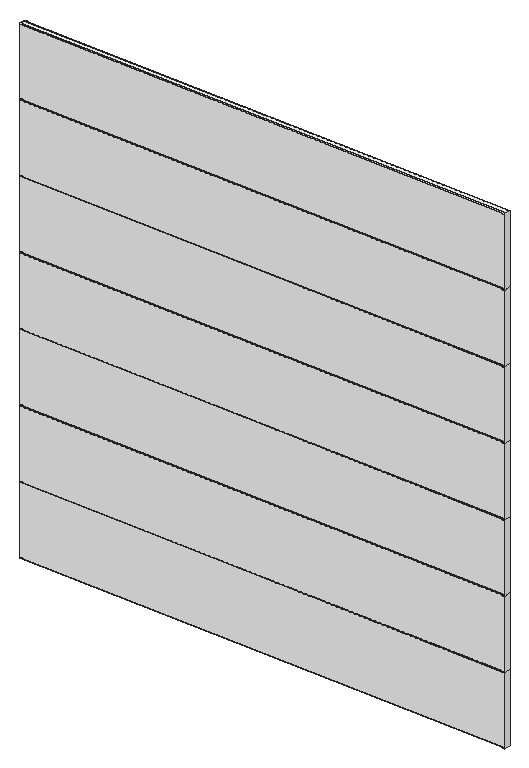
Revit family
Parameters (values of type "By Type")
  Windload = "Doors available rated for various design pressures; consult Clopay for avaialbility and specifications"
  VisSection6 = NumSections = 6  # no
  VisSection5 = NumSections > 4  # yes
  VisSection4 = NumSections > 3  # yes
  VisSection3 = NumSections > 2  # yes
  VisArray = NumSections > 6  # yes
  URL = "www.clopaydoor.com"
  Track = "Galvanized steel (gauge varies according to door size)"
  Thickness = 0' - 3"  # constant formula
  Spec Wizard = "http://www.arcat.com/specwizard/08360clo/index.htm"
  Section Height = Height / NumSections  # 2' - 0"
  Sales Information = "http://www.clopaydoor.com/where-to-buy.aspx?type=dealer"
  Rough Width = 0' - 0"  # constant formula
  Rough Height = 0' - 0"  # constant formula
  R-Value = "12.15"
  Product Features and Benefits = "http://www.clopaydoor.com/insulated-polystyrene-applications.aspx"
  Overlapping Jamb = yes
  Overlap = if(Overlapping Jamb, 0' 1", 0' 0")  # 0' - 1"
  Opening Width = 14' - 0"
  Opening Height = 14' - 0"
  Omniclass Table = "23-30 10 17 37 "
  NumSectionsNotRounded = Height / 2' 0"  # 7
  NumSections = NumSectionsNotRounded + 0.4999  # 7
  NumArraySections = if(NumSections > 6, NumSections - 5, 2)  # 2
  Model = "3300"
  Maximum Size = "Maximum 28' 2'' wide by 26' 0'' high. Additional limitations may apply do to door weight. Consult Clopay for specificiations and shop drawings."  # constant formula
  Manufacturer Website = "http://www.clopaydoor.com"
  Manufacturer Phone Number = "1-800-526-4301"
  Manufacturer Address = "1400 W. Market St., Troy, OH 45373"
  Manufacturer = "Clopay Building Products Company"
  LEED = "http://products.construction.com/swts_content_files/151607/303186.pdf"
  Keynote = "08 36 13"
  Interior Steel = "28 ga. galvanized, primed, and finish painted"
  Hardware = "14 ga. min. steel hinges; 10-ball steel rollers"
  GreenFormat = "http://www.greenformat.com/products/1541-Polystyrene-Insulated-Doors"
  Function = (empty or 0)
  Height = Opening Height + Rough Width * 0  # 14' - 0"
  Wall Closure = (empty or 0)
  Width = Opening Width + Rough Width * 0  # 14' - 0"
  FloorToSection7 = 6 * Section Height  # 12' - 0"
  FloorToSection6 = 5 * Section Height  # 10' - 0"
  FloorToSection5 = 4 * Section Height  # 8' - 0"
  FloorToSection4 = 3 * Section Height  # 6' - 0"
  FloorToSection3 = 2 * Section Height  # 4' - 0"
  FloorToSection2 = Section Height  # 2' - 0"
  File Revision = "01 (Aug, 2012)"
  Exterior Steel = "25 ga. galvanized, primed, and finish painted"
  Double End Stiles = Door Width > 14' 2"  # no
  Door Width = Opening Width + Overlap * 2  # 14' - 2"
  Door Height = Opening Height + Rough Width * 0  # 14' - 0"
  Description = "3'' thick polystyrene insulated, stucco embossed 25 gauge steel exterior with light ribbed pattern."
  Core Material = "Expanded polystyrene"
  Copyright = "2010, Clopay Building Products Company, Inc."
  Color = White
  CAD and Specifications = "http://www.clopaydoor.com/insulated-polystyrene-specs.aspx"
  Assembly Code = "B2030410"
Reference planes (in)
  plane 1 "Center (Front/Back)": y = 0
  plane 2 "Center (Left/Right)": x = 0
  plane 3 "Left": x = -84
  plane 4 "Right": x = 84
  plane 5 "Top": z = 168
  plane 6 "Exterior": y = 3
  plane 7 "Interior": y = -3
  plane 8: z = 120
  plane 9: z = 144
Lines and regions (in)
  Opening 1
    outline origin (-90, -3, 0) x (1, 0, 0) y (0, 0, 1)
      loop
        line (6, 0) -> (174, 0) -> (174, 168) -> (6, 168) -> (6, 0)
Text (in)
  text "Exterior" at (-74.96733, 27.31104, 0), in view "Ref. Level"
  text "Interior" at (-74.96733, -25.14366, 0), in view "Ref. Level"
  text "Exterior" at (0, 40.15149, 123.01588), in view "Right"
  text "Interior" at (0, -64.39139, 123.01588), in view "Right"
  text "Interior" at (0, -31.01599, 123.00693), in view "Left"
  text "Exterior" at (0, 54.57065, 123.00693), in view "Left"
Dimensions and locks (in)
  equal spacing: plane 3 "Left", plane 2 "Center (Left/Right)", plane 4 "Right"
  "Height": level to plane 5 "Top"
  "Width": plane 3 "Left" to plane 4 "Right"
  host wall to plane 5 "Top" = 14' - 0"
  nested 1 to plane 7 "Interior" = 0' - 0 1/2"
  "FloorToSection6": plane 8 to level
  "FloorToSection7": plane 9 to level
  group 1 to group 2 = 0' - 0"  (x2)
  group 1 to group 2 = 2' - 0"
  aligned and locked: plane 3 "Left" to Opening 1 sketch curve
  aligned and locked: plane 5 "Top" to Opening 1 sketch curve
  aligned and locked: Opening 1 sketch curve to plane 5 "Top"
  aligned and locked: Opening 1 sketch curve to plane 4 "Right"
  aligned and locked: Opening 1 sketch curve to level
  aligned and locked: plane 6 "Exterior" to host wall
  aligned and locked: host wall to plane 7 "Interior"
  aligned and locked: plane 2 "Center (Left/Right)" to nested 2
  aligned and locked: plane 2 "Center (Left/Right)" to nested 3
  aligned and locked: plane 2 "Center (Left/Right)" to nested 4
  aligned and locked: plane 2 "Center (Left/Right)" to nested 6
  aligned and locked: nested 6 to plane 8
  aligned and locked: nested 7 to plane 9
  aligned and locked: plane 2 "Center (Left/Right)" to nested 8
  aligned and locked: plane 7 "Interior" to nested 2
  aligned and locked: plane 7 "Interior" to nested 3
  aligned and locked: plane 7 "Interior" to nested 4  (x2)
  aligned and locked: plane 7 "Interior" to nested 8  (x2)
  aligned and locked: plane 7 "Interior" to nested 7
  aligned and locked: nested 1 to nested 7
  aligned and locked: nested 1 to nested 6
  aligned and locked: host wall to nested 3
Nested families (in)
  nested 1: "3200 Solid Section" at (0, 0, 0), type "Solid"
    with X9 0' - 7 1/2", X8 0' - 7 1/2", X7 0' - 7 1/2", X6 0' - 7 1/2", X5 0' - 7 1/2", X4 11' - 7 1/2", X3 7' - 11 1/2", X2 4' - 3 1/2", NumWindows 4, NumArrayedWindows 4, Half Door Width Neg -7' - 1", Half Door Width 7' - 1", X1 0' - 7 1/2", Door Width 14' - 2"
  nested 2: "3200 Solid Section" at (0, 0, 24), built-in parameter 1001364 <- "Section Height", type "Solid"
    with X9 0' - 7 1/2", X8 0' - 7 1/2", X7 0' - 7 1/2", X6 0' - 7 1/2", X5 0' - 7 1/2", X4 11' - 7 1/2", X3 7' - 11 1/2", X2 4' - 3 1/2", NumWindows 4, NumArrayedWindows 4, Half Door Width Neg -7' - 1", Half Door Width 7' - 1", X1 0' - 7 1/2", Door Width 14' - 2"
  nested 3: "3200 Solid Section" at (0, 0, 120), built-in parameter 1001364 <- "FloorToSection6", visible <- "VisSection6", type "Solid"
    with X9 0' - 7 1/2", X8 0' - 7 1/2", X7 0' - 7 1/2", X6 0' - 7 1/2", X5 0' - 7 1/2", X4 11' - 7 1/2", X3 7' - 11 1/2", X2 4' - 3 1/2", NumWindows 4, NumArrayedWindows 4, Half Door Width Neg -7' - 1", Half Door Width 7' - 1", X1 0' - 7 1/2", Door Width 14' - 2"
  nested 4: "3200 Solid Section" at (0, 0, 96), built-in parameter 1001364 <- "FloorToSection5", visible <- "VisSection5", type "Solid"
    with X9 0' - 7 1/2", X8 0' - 7 1/2", X7 0' - 7 1/2", X6 0' - 7 1/2", X5 0' - 7 1/2", X4 11' - 7 1/2", X3 7' - 11 1/2", X2 4' - 3 1/2", NumWindows 4, NumArrayedWindows 4, Half Door Width Neg -7' - 1", Half Door Width 7' - 1", X1 0' - 7 1/2", Door Width 14' - 2"
  nested 5: "3200 Solid Section" at (0, 0, 72), built-in parameter 1001364 <- "FloorToSection4", visible <- "VisSection4", type "Solid"
    with X9 0' - 7 1/2", X8 0' - 7 1/2", X7 0' - 7 1/2", X6 0' - 7 1/2", X5 0' - 7 1/2", X4 11' - 7 1/2", X3 7' - 11 1/2", X2 4' - 3 1/2", NumWindows 4, NumArrayedWindows 4, Half Door Width Neg -7' - 1", Half Door Width 7' - 1", X1 0' - 7 1/2", Door Width 14' - 2"
  nested 6: "3200 Solid Section" at (0, 0, 120), visible <- "VisArray", type "Solid"
    with X9 0' - 7 1/2", X8 0' - 7 1/2", X7 0' - 7 1/2", X6 0' - 7 1/2", X5 0' - 7 1/2", X4 11' - 7 1/2", X3 7' - 11 1/2", X2 4' - 3 1/2", NumWindows 4, NumArrayedWindows 4, Half Door Width Neg -7' - 1", Half Door Width 7' - 1", X1 0' - 7 1/2", Door Width 14' - 2"
  nested 7: "3200 Solid Section" at (0, 0, 144), visible <- "VisArray", type "Solid"
    with X9 0' - 7 1/2", X8 0' - 7 1/2", X7 0' - 7 1/2", X6 0' - 7 1/2", X5 0' - 7 1/2", X4 11' - 7 1/2", X3 7' - 11 1/2", X2 4' - 3 1/2", NumWindows 4, NumArrayedWindows 4, Half Door Width Neg -7' - 1", Half Door Width 7' - 1", X1 0' - 7 1/2", Door Width 14' - 2"
  nested 8: "3200 Solid Section" at (0, 0, 48), built-in parameter 1001364 <- "FloorToSection3", type "Solid"
    with X9 0' - 7 1/2", X8 0' - 7 1/2", X7 0' - 7 1/2", X6 0' - 7 1/2", X5 0' - 7 1/2", X4 11' - 7 1/2", X3 7' - 11 1/2", X2 4' - 3 1/2", NumWindows 4, NumArrayedWindows 4, Half Door Width Neg -7' - 1", Half Door Width 7' - 1", X1 0' - 7 1/2", Door Width 14' - 2"
Definition of nested family "3200 Solid Section"
  Parameters (values of type "Solid")
    X9 = if(if(NumArrayedWindows < NumWindows, NumArrayedWindows + 1, NumWindows) < 9, X1, X8 + 3' 8")  # 1' - 5 1/2"
    X8 = if(if(NumArrayedWindows < NumWindows, NumArrayedWindows + 1, NumWindows) < 8, X1, X7 + 3' 8")  # 1' - 5 1/2"
    X7 = if(if(NumArrayedWindows < NumWindows, NumArrayedWindows + 1, NumWindows) < 7, X1, X6 + 3' 8")  # 1' - 5 1/2"
    X6 = if(if(NumArrayedWindows < NumWindows, NumArrayedWindows + 1, NumWindows) < 6, X1, X5 + 3' 8")  # 1' - 5 1/2"
    X5 = if(if(NumArrayedWindows < NumWindows, NumArrayedWindows + 1, NumWindows) < 5, X1, X4 + 3' 8")  # 1' - 5 1/2"
    X4 = if(if(NumArrayedWindows < NumWindows, NumArrayedWindows + 1, NumWindows) < 4, X1, X3 + 3' 8")  # 1' - 5 1/2"
    X3 = if(or(NumWindows < 3, SingleWindowVis), X1, X2 + 3' 8")  # 8' - 9 1/2"
    X2 = if(NumWindows < 2, ((Door Width - (NumWindows - 1) * 3' 8") / 2 - Cutout Width / 2), ((Door Width - (NumWindows - 1) * 3' 8") / 2 - Cutout Width / 2) + 3' 8")  # 5' - 1 1/2"
    WindowCutDepth = if(or(Window Type Index = 1, and(Door Width < 7' 8", Window Type Index = 4), and(Window Type Index = 3, Door Width < 7' 0")), -0' 0 13/128", 0' 2")  # -0' - 0 13/128"
    WindowArrayVis = or(and(Window Type Index = 4, Door Width > 7' 6"), and(Window Type Index = 3, Door Width > 6' 8"), and(not(Window Type Index = 1), not(SingleWindowVis), or(Door Width > 7' 7", Window Type Index < 3)))  # no
    Window Type Index = 1
    SingleWindowVis = and(X2 = X1, NumWindows = 3, or(Window Type Index = 3, Window Type Index = 4))  # no
    Section Height = 2' - 0"
    RibSpacing = Section Height / (NumRibs + 1)  # 0' - 4"
    NumWindows = if(Door Width < 9' 4", 2, if(Door Width < 13' 4", 3, if(Door Width < 16' 4", 4, if(Door Width < 20' 4", 5, if(Door Width < 24' 4", 6, if(Door Width < 26' 4", 7, if(Door Width < 31' 8", 8, 10)))))))  # 3
    NumRibs = if(Section Height < 1' 9", 3, if(Section Height < 2' 0", 4, 5))  # 5
    NumArrayedWindows = if(X2 = X1, if(NumWindows < 4, 2, NumWindows - 2), NumWindows)  # 3
    Half Section Height = Section Height / 2  # 1' - 0"
    Half Door Width Neg = -Half Door Width  # -6' - 1"
    Half Door Width = Door Width / 2  # 6' - 1"
    Half Cutout Height = Cutout Height / 2  # 0' - 6"
    Function = (empty or 0)
    Height = 0' - 0"
    Wall Closure = (empty or 0)
    Width = 0' - 0"
    X1 = if(if(or(Window Type Index = 3, Window Type Index = 4), if(or(and(Door Width < 11' 0", Door Width > 9' 2"), and(Door Width < 15' 3", Door Width > 13' 2")), X2, (Door Width - (NumWindows - 1) * 3' 8") / 2 - Cutout Width / 2), if(or(and(Door Width > 16' 2", Door Width < 16' 7")), X2, (Door Width - (NumWindows - 1) * 3' 8") / 2 - Cutout Width / 2)) < 0' 1", 0' 1", if(or(Window Type Index = 3, Window Type Index = 4), if(or(and(Door Width < 11' 0", Door Width > 9' 2"), and(Door Width < 15' 3", Door Width > 13' 2")), X2, (Door Width - (NumWindows - 1) * 3' 8") / 2 - Cutout Width / 2), if(or(and(Door Width > 16' 2", Door Width < 16' 7")), X2, (Door Width - (NumWindows - 1) * 3' 8") / 2 - Cutout Width / 2)))  # 1' - 5 1/2"
    Door Width = 12' - 2"
    CutoutToCutout = 1' - 0"
    Cutout Width = if(Window Type Index = 4, 3' 2", if(Window Type Index = 3, 2' 2", 1' 11"))  # 1' - 11"
    Cutout Height = if(Window Type Index = 2, 0' 7", 1' 0")  # 1' - 0"
    Color = White
    BtmTo1stRib = RibSpacing  # 0' - 4"
    Assembly Code = ""
  Reference planes (in)
    plane 1 "Center (Front/Back)": y = 0
    plane 2 "Center (Left/Right)": x = 0
    plane 3 "Exterior": y = 3
    plane 4 "Interior": y = -3
    plane 5: y = -3.5
    plane 6: x = 73
    plane 7: x = -73
    plane 8: z = 4
    plane 9: z = 8
    plane 10: z = 24
    plane 11: z = 12
    plane 12: z = 0
  Forms (in)
    Extrusion 1, solid, material "White" <- "Color"
      sketch origin (-73, -12, 83.08252) x (0, 0, 1) y (0, -1, 0)
        loop
          line (-59.08252, -8.37573) -> (-59.08252, -6.62444)
          arc (-59.08252, -6.62444) -> (-59.11897, -6.53645) -> (-59.20696, -6.5) r 0.12444
          line (-59.20696, -6.5) -> (-82.95809, -6.5)
          arc (-82.95809, -6.5) -> (-83.04608, -6.53645) -> (-83.08252, -6.62444) r 0.12444
          line (-83.08252, -6.62444) -> (-83.08252, -8.37573)
          arc (-83.08252, -8.37573) -> (-83.04612, -8.4636) -> (-82.95825, -8.5) r 0.12427
          line (-82.95825, -8.5) -> (-59.20679, -8.5)
          arc (-59.20679, -8.5) -> (-59.11892, -8.4636) -> (-59.08252, -8.37573) r 0.12427
      from 0 to 146 <- "Door Width"
    Extrusion 2, void
      sketch origin (-98.15385, -3.5, 48) x (1, 0, 0) y (0, 0, 1)
        loop
          line (153.65385, -30) -> (130.65385, -30) -> (130.65385, -36) -> (153.65385, -36) -> (153.65385, -30)
      from 0 to -0.10156 <- "WindowCutDepth"
    Extrusion 3, void
      sketch origin (-98.15385, -3.5, -24) x (1, 0, 0) y (0, 0, 1)
        loop
          line (153.65385, 30) -> (153.65385, 36) -> (130.65385, 36) -> (130.65385, 30) -> (153.65385, 30)
      from 0 to -0.10156 <- "WindowCutDepth"
    Extrusion 4, void
      sketch origin (-136.15385, -3.5, 48) x (1, 0, 0) y (0, 0, 1)
        loop
          line (147.65385, -30) -> (124.65385, -30) -> (124.65385, -36) -> (147.65385, -36) -> (147.65385, -30)
      from 0 to -0.10156 <- "WindowCutDepth"
    Extrusion 5, void
      sketch origin (-136.15385, -3.5, -24) x (1, 0, 0) y (0, 0, 1)
        loop
          line (147.65385, 30) -> (147.65385, 36) -> (124.65385, 36) -> (124.65385, 30) -> (147.65385, 30)
      from 0 to -0.10156 <- "WindowCutDepth"
    Extrusion 6, void
      sketch origin (-171.15385, -3.5, 48) x (1, 0, 0) y (0, 0, 1)
        loop
          line (138.65385, -30) -> (115.65385, -30) -> (115.65385, -36) -> (138.65385, -36) -> (138.65385, -30)
      from 0 to -0.10156 <- "WindowCutDepth"
    Extrusion 7, void
      sketch origin (-171.15385, -3.5, -24) x (1, 0, 0) y (0, 0, 1)
        loop
          line (138.65385, 30) -> (138.65385, 36) -> (115.65385, 36) -> (115.65385, 30) -> (138.65385, 30)
      from 0 to -0.10156 <- "WindowCutDepth"
    Extrusion 8, void
      sketch origin (-214.15385, -3.5, 48) x (1, 0, 0) y (0, 0, 1)
        loop
          line (269.65385, -30) -> (246.65385, -30) -> (246.65385, -36) -> (269.65385, -36) -> (269.65385, -30)
      from 0 to -0.10156 <- "WindowCutDepth"
    Extrusion 9, void
      sketch origin (-214.15385, -3.5, -24) x (1, 0, 0) y (0, 0, 1)
        loop
          line (269.65385, 30) -> (269.65385, 36) -> (246.65385, 36) -> (246.65385, 30) -> (269.65385, 30)
      from 0 to -0.10156 <- "WindowCutDepth"
    Extrusion 10, void
      sketch origin (-256.15385, -3.5, 48) x (1, 0, 0) y (0, 0, 1)
        loop
          line (311.65385, -30) -> (288.65385, -30) -> (288.65385, -36) -> (311.65385, -36) -> (311.65385, -30)
      from 0 to -0.10156 <- "WindowCutDepth"
    Extrusion 11, void
      sketch origin (-256.15385, -3.5, -24) x (1, 0, 0) y (0, 0, 1)
        loop
          line (311.65385, 30) -> (311.65385, 36) -> (288.65385, 36) -> (288.65385, 30) -> (311.65385, 30)
      from 0 to -0.10156 <- "WindowCutDepth"
    Extrusion 12, void
      sketch origin (-294.15385, -3.5, 48) x (1, 0, 0) y (0, 0, 1)
        loop
          line (349.65385, -30) -> (326.65385, -30) -> (326.65385, -36) -> (349.65385, -36) -> (349.65385, -30)
      from 0 to -0.10156 <- "WindowCutDepth"
    Extrusion 13, void
      sketch origin (-294.15385, -3.5, -24) x (1, 0, 0) y (0, 0, 1)
        loop
          line (349.65385, 30) -> (349.65385, 36) -> (326.65385, 36) -> (326.65385, 30) -> (349.65385, 30)
      from 0 to -0.10156 <- "WindowCutDepth"
    Extrusion 14, void
      sketch origin (-331.15385, -3.5, 48) x (1, 0, 0) y (0, 0, 1)
        loop
          line (386.65385, -30) -> (363.65385, -30) -> (363.65385, -36) -> (386.65385, -36) -> (386.65385, -30)
      from 0 to -0.10156 <- "WindowCutDepth"
    Extrusion 15, void
      sketch origin (-331.15385, -3.5, -24) x (1, 0, 0) y (0, 0, 1)
        loop
          line (386.65385, 30) -> (386.65385, 36) -> (363.65385, 36) -> (363.65385, 30) -> (386.65385, 30)
      from 0 to -0.10156 <- "WindowCutDepth"
    Extrusion 16, void
      sketch origin (-368.15385, -3.5, 48) x (1, 0, 0) y (0, 0, 1)
        loop
          line (423.65385, -30) -> (400.65385, -30) -> (400.65385, -36) -> (423.65385, -36) -> (423.65385, -30)
      from 0 to -0.10156 <- "WindowCutDepth"
    Extrusion 17, void
      sketch origin (-368.15385, -3.5, -24) x (1, 0, 0) y (0, 0, 1)
        loop
          line (423.65385, 30) -> (423.65385, 36) -> (400.65385, 36) -> (400.65385, 30) -> (423.65385, 30)
      from 0 to -0.10156 <- "WindowCutDepth"
    Extrusion 18, void
      sketch origin (-407.15385, -3.5, 48) x (1, 0, 0) y (0, 0, 1)
        loop
          line (462.65385, -30) -> (439.65385, -30) -> (439.65385, -36) -> (462.65385, -36) -> (462.65385, -30)
      from 0 to -0.10156 <- "WindowCutDepth"
    Extrusion 19, void
      sketch origin (-407.15385, -3.5, -24) x (1, 0, 0) y (0, 0, 1)
        loop
          line (462.65385, 30) -> (462.65385, 36) -> (439.65385, 36) -> (439.65385, 30) -> (462.65385, 30)
      from 0 to -0.10156 <- "WindowCutDepth"
    Extrusion 20, void
      sketch origin (0, -8.99984, -0.5) x (0, 1, 0) y (0, 0, -1)
        loop
          line (5.49984, -4.62727) -> (5.49984, -4.37273) -> (5.46952, -4.41942)
          arc (5.46952, -4.41942) -> (5.46231, -4.43506) -> (5.45984, -4.4521) r 0.06
          line (5.45984, -4.4521) -> (5.45984, -4.5479)
          arc (5.45984, -4.5479) -> (5.46231, -4.56494) -> (5.46952, -4.58058) r 0.06
          line (5.46952, -4.58058) -> (5.49984, -4.62727)
      from -73 <- "Half Door Width Neg" to 146 <- "Door Width"
    Extrusion 21, void
      sketch origin (0, -8.99984, 3.5) x (0, 1, 0) y (0, 0, -1)
        loop
          line (5.49984, -4.62727) -> (5.49984, -4.37273) -> (5.46952, -4.41942)
          arc (5.46952, -4.41942) -> (5.46231, -4.43506) -> (5.45984, -4.4521) r 0.06
          line (5.45984, -4.4521) -> (5.45984, -4.5479)
          arc (5.45984, -4.5479) -> (5.46231, -4.56494) -> (5.46952, -4.58058) r 0.06
          line (5.46952, -4.58058) -> (5.49984, -4.62727)
      from -73 <- "Half Door Width Neg" to 146 <- "Door Width"
    Extrusion 22, void
      sketch origin (0, -8.99984, 7.5) x (0, 1, 0) y (0, 0, -1)
        loop
          line (5.49984, -4.62727) -> (5.49984, -4.37273) -> (5.46952, -4.41942)
          arc (5.46952, -4.41942) -> (5.46231, -4.43506) -> (5.45984, -4.4521) r 0.06
          line (5.45984, -4.4521) -> (5.45984, -4.5479)
          arc (5.45984, -4.5479) -> (5.46231, -4.56494) -> (5.46952, -4.58058) r 0.06
          line (5.46952, -4.58058) -> (5.49984, -4.62727)
      from -73 <- "Half Door Width Neg" to 146 <- "Door Width"
    Extrusion 23, void
      sketch origin (0, -8.99984, 11.5) x (0, 1, 0) y (0, 0, -1)
        loop
          line (5.49984, -4.62727) -> (5.49984, -4.37273) -> (5.46952, -4.41942)
          arc (5.46952, -4.41942) -> (5.46231, -4.43506) -> (5.45984, -4.4521) r 0.06
          line (5.45984, -4.4521) -> (5.45984, -4.5479)
          arc (5.45984, -4.5479) -> (5.46231, -4.56494) -> (5.46952, -4.58058) r 0.06
          line (5.46952, -4.58058) -> (5.49984, -4.62727)
      from -73 <- "Half Door Width Neg" to 146 <- "Door Width"
    Extrusion 24, void
      sketch origin (0, -8.99984, 15.5) x (0, 1, 0) y (0, 0, -1)
        loop
          line (5.49984, -4.62727) -> (5.49984, -4.37273) -> (5.46952, -4.41942)
          arc (5.46952, -4.41942) -> (5.46231, -4.43506) -> (5.45984, -4.4521) r 0.06
          line (5.45984, -4.4521) -> (5.45984, -4.5479)
          arc (5.45984, -4.5479) -> (5.46231, -4.56494) -> (5.46952, -4.58058) r 0.06
          line (5.46952, -4.58058) -> (5.49984, -4.62727)
      from -73 <- "Half Door Width Neg" to 146 <- "Door Width"
  Cuts and joins
    Extrusion 2, Extrusion 3, Extrusion 4, Extrusion 5, Extrusion 6, Extrusion 7, Extrusion 8, Extrusion 9, Extrusion 10, Extrusion 11, Extrusion 12, Extrusion 13, Extrusion 14, Extrusion 15, Extrusion 16, Extrusion 17, Extrusion 18, Extrusion 19, Extrusion 20, Extrusion 21, Extrusion 22, Extrusion 23, Extrusion 24 cuts Extrusion 1
  Lines and regions (in)
    reference lines
      curve 1: line (-72, -3.54, 4) -> (-72, -3.5, 4)
      curve 2: line (-72, -3.54, 8) -> (-72, -3.5, 8)
      curve 3: line (-72, -3.54, 12) -> (-72, -3.5, 12)
      curve 4: line (-72, -3.54, 16) -> (-72, -3.5, 16)
      curve 5: line (-72, -3.54, 20) -> (-72, -3.5, 20)
  Text (in)
    text "Exterior" at (-74.96733, 27.31104, 0), in view "Ref. Level"
    text "Interior" at (-74.96733, -25.14366, 0), in view "Ref. Level"
    text "Exterior" at (0, 40.15149, 123.01588), in view "Right"
    text "Interior" at (0, -64.39139, 123.01588), in view "Right"
    text "Interior" at (0, -31.01599, 123.00693), in view "Left"
    text "Exterior" at (0, 54.57065, 123.00693), in view "Left"
  Dimensions and locks (in)
    plane 4 "Interior" to plane 5 = 0' - 0 1/2"
    "Half Door Width": plane 2 "Center (Left/Right)" to plane 7
    "Half Door Width": plane 6 to plane 2 "Center (Left/Right)"
    Extrusion 1 sketch curve to Extrusion 1 sketch curve = 0' - 2"
    "BtmTo1stRib": plane 8 to level
    "RibSpacing": plane 9 to plane 8
    "Section Height": plane 10 to level
    "Half Section Height": level to plane 11
    "Cutout Width": Extrusion 2 sketch curve to Extrusion 2 sketch curve
    "Half Cutout Height": Extrusion 2 sketch curve to Extrusion 2 sketch curve
    "Cutout Width": Extrusion 3 sketch curve to Extrusion 3 sketch curve
    "Half Cutout Height": Extrusion 3 sketch curve to Extrusion 3 sketch curve
    "X1": cut or joined group 1 (Extrusion 1, Extrusion 2, Extrusion 3, Extrusion 4, Extrusion 5, Extrusion 6, Extrusion 7, Extrusion 8, Extrusion 9, Extrusion 10, Extrusion 11, Extrusion 12, Extrusion 13, Extrusion 14, Extrusion 15, Extrusion 16, Extrusion 17, Extrusion 18, Extrusion 19, Extrusion 20, Extrusion 21, Extrusion 22, Extrusion 23, Extrusion 24) to cut or joined group 1
    "Cutout Width": Extrusion 4 sketch curve to Extrusion 4 sketch curve
    "Half Cutout Height": Extrusion 4 sketch curve to Extrusion 4 sketch curve
    "Cutout Width": Extrusion 5 sketch curve to Extrusion 5 sketch curve
    "Half Cutout Height": Extrusion 5 sketch curve to Extrusion 5 sketch curve
    "Cutout Width": Extrusion 6 sketch curve to Extrusion 6 sketch curve
    "Half Cutout Height": Extrusion 6 sketch curve to Extrusion 6 sketch curve
    "Cutout Width": Extrusion 7 sketch curve to Extrusion 7 sketch curve
    "Half Cutout Height": Extrusion 7 sketch curve to Extrusion 7 sketch curve
    "X2": plane 6 to cut or joined group 1
    "X3": plane 6 to cut or joined group 1
    "Cutout Width": Extrusion 8 sketch curve to Extrusion 8 sketch curve
    "Half Cutout Height": Extrusion 8 sketch curve to Extrusion 8 sketch curve
    "Cutout Width": Extrusion 9 sketch curve to Extrusion 9 sketch curve
    "Half Cutout Height": Extrusion 9 sketch curve to Extrusion 9 sketch curve
    "Cutout Width": Extrusion 10 sketch curve to Extrusion 10 sketch curve
    "Half Cutout Height": Extrusion 10 sketch curve to Extrusion 10 sketch curve
    "Cutout Width": Extrusion 11 sketch curve to Extrusion 11 sketch curve
    "Half Cutout Height": Extrusion 11 sketch curve to Extrusion 11 sketch curve
    "Cutout Width": Extrusion 12 sketch curve to Extrusion 12 sketch curve
    "Half Cutout Height": Extrusion 12 sketch curve to Extrusion 12 sketch curve
    "Cutout Width": Extrusion 13 sketch curve to Extrusion 13 sketch curve
    "Half Cutout Height": Extrusion 13 sketch curve to Extrusion 13 sketch curve
    "Cutout Width": Extrusion 14 sketch curve to Extrusion 14 sketch curve
    "Half Cutout Height": Extrusion 14 sketch curve to Extrusion 14 sketch curve
    "Cutout Width": Extrusion 15 sketch curve to Extrusion 15 sketch curve
    "Half Cutout Height": Extrusion 15 sketch curve to Extrusion 15 sketch curve
    "Cutout Width": Extrusion 16 sketch curve to Extrusion 16 sketch curve
    "Half Cutout Height": Extrusion 16 sketch curve to Extrusion 16 sketch curve
    "Cutout Width": Extrusion 17 sketch curve to Extrusion 17 sketch curve
    "Half Cutout Height": Extrusion 17 sketch curve to Extrusion 17 sketch curve
    "Cutout Width": Extrusion 18 sketch curve to Extrusion 18 sketch curve
    "Half Cutout Height": Extrusion 18 sketch curve to Extrusion 18 sketch curve
    "Cutout Width": Extrusion 19 sketch curve to Extrusion 19 sketch curve
    "Half Cutout Height": Extrusion 19 sketch curve to Extrusion 19 sketch curve
    "X4": plane 6 to cut or joined group 1
    "X5": plane 6 to cut or joined group 1
    "X6": plane 6 to cut or joined group 1
    "X7": plane 6 to cut or joined group 1
    "X8": plane 6 to cut or joined group 1
    "X9": plane 6 to cut or joined group 1
    Extrusion 20 sketch curve to Extrusion 20 sketch curve = 0' - 0.25454"
    Extrusion 20 sketch curve to Extrusion 20 sketch curve = 0' - 0.04"  (x2)
    Extrusion 20 sketch curve to curve 1 = 0' - 0.12727"
    Extrusion 21 sketch curve to Extrusion 21 sketch curve = 0' - 0.25454"
    Extrusion 21 sketch curve to Extrusion 21 sketch curve = 0' - 0.04"  (x2)
    Extrusion 21 sketch curve to curve 2 = 0' - 0.12727"
    equal spacing: group 1, group 2, group 3, group 4, group 5  (x3)
    Extrusion 22 sketch curve to Extrusion 22 sketch curve = 0' - 0.25454"
    Extrusion 22 sketch curve to Extrusion 22 sketch curve = 0' - 0.04"  (x2)
    Extrusion 22 sketch curve to curve 3 = 0' - 0.12727"
    locked: plane 5 to plane 4 "Interior" at 0.5
    Extrusion 23 sketch curve to Extrusion 23 sketch curve = 0' - 0.25454"
    Extrusion 23 sketch curve to Extrusion 23 sketch curve = 0' - 0.04"  (x2)
    Extrusion 23 sketch curve to curve 4 = 0' - 0.12727"
    Extrusion 24 sketch curve to Extrusion 24 sketch curve = 0' - 0.25454"
    Extrusion 24 sketch curve to Extrusion 24 sketch curve = 0' - 0.04"  (x2)
    Extrusion 24 sketch curve to curve 5 = 0' - 0.12727"
    radius of Extrusion 1 sketch curve = 0' - 0.12427"  (x2)
    radius of Extrusion 1 sketch curve = 0' - 0.12444"  (x2)
    angle Extrusion 20 sketch curve to Extrusion 20 sketch curve = 147.00°  (x2)
    angle Extrusion 21 sketch curve to Extrusion 21 sketch curve = 147.00°  (x2)
    angle Extrusion 22 sketch curve to Extrusion 22 sketch curve = 147.00°  (x2)
    angle Extrusion 23 sketch curve to Extrusion 23 sketch curve = 147.00°  (x2)
    angle Extrusion 24 sketch curve to Extrusion 24 sketch curve = 147.00°  (x2)
    aligned and locked: Extrusion 1 sketch curve to plane 5
    aligned and locked: Extrusion 2 sketch curve to plane 11
    aligned and locked: plane 11 to Extrusion 3 sketch curve
    aligned and locked: cut or joined group 1 to cut or joined group 1  (x9)
    aligned and locked: plane 12 to level
    aligned: plane 9 to curve 2
    aligned and locked: plane 8 to curve 1
    aligned and locked: plane 9 to curve 2
  Automatic sketch dimensions
    curve 1 to curve 1 = 0' - 0.04"
    Extrusion 20 sketch curve to Extrusion 20 sketch curve = 0' - 0"
    Extrusion 20 sketch curve to Extrusion 20 sketch curve = 0' - 0.02"
    Extrusion 20 sketch curve to Extrusion 20 sketch curve = 0' - 0.00968"  (x2)
    Extrusion 1 sketch curve to level = 0' - 0"
    Extrusion 1 sketch curve to plane 10 = 0' - 0"
    plane 2 "Center (Left/Right)" to Extrusion 2 sketch curve = 2' - 8 1/2"
    plane 2 "Center (Left/Right)" to Extrusion 3 sketch curve = 2' - 8 1/2"
    Extrusion 4 sketch curve to plane 11 = 0' - 0"
    Extrusion 4 sketch curve to plane 2 "Center (Left/Right)" = 0' - 11 1/2"
    Extrusion 5 sketch curve to plane 11 = 0' - 0"
    Extrusion 5 sketch curve to plane 2 "Center (Left/Right)" = 0' - 11 1/2"
    Extrusion 6 sketch curve to plane 11 = 0' - 0"
    Extrusion 6 sketch curve to plane 2 "Center (Left/Right)" = 4' - 7 1/2"
    Extrusion 7 sketch curve to plane 11 = 0' - 0"
    Extrusion 7 sketch curve to plane 2 "Center (Left/Right)" = 4' - 7 1/2"
    Extrusion 8 sketch curve to plane 11 = 0' - 0"
    plane 2 "Center (Left/Right)" to Extrusion 8 sketch curve = 2' - 8 1/2"
    Extrusion 9 sketch curve to plane 11 = 0' - 0"
    plane 2 "Center (Left/Right)" to Extrusion 9 sketch curve = 2' - 8 1/2"
    Extrusion 10 sketch curve to plane 11 = 0' - 0"
    plane 2 "Center (Left/Right)" to Extrusion 10 sketch curve = 2' - 8 1/2"
    Extrusion 11 sketch curve to plane 11 = 0' - 0"
    plane 2 "Center (Left/Right)" to Extrusion 11 sketch curve = 2' - 8 1/2"
    Extrusion 12 sketch curve to plane 11 = 0' - 0"
    plane 2 "Center (Left/Right)" to Extrusion 12 sketch curve = 2' - 8 1/2"
    Extrusion 13 sketch curve to plane 11 = 0' - 0"
    plane 2 "Center (Left/Right)" to Extrusion 13 sketch curve = 2' - 8 1/2"
    Extrusion 14 sketch curve to plane 11 = 0' - 0"
    plane 2 "Center (Left/Right)" to Extrusion 14 sketch curve = 2' - 8 1/2"
    Extrusion 15 sketch curve to plane 11 = 0' - 0"
    plane 2 "Center (Left/Right)" to Extrusion 15 sketch curve = 2' - 8 1/2"
    Extrusion 16 sketch curve to plane 11 = 0' - 0"
    plane 2 "Center (Left/Right)" to Extrusion 16 sketch curve = 2' - 8 1/2"
    Extrusion 17 sketch curve to plane 11 = 0' - 0"
    plane 2 "Center (Left/Right)" to Extrusion 17 sketch curve = 2' - 8 1/2"
    Extrusion 18 sketch curve to plane 11 = 0' - 0"
    plane 2 "Center (Left/Right)" to Extrusion 18 sketch curve = 2' - 8 1/2"
    Extrusion 19 sketch curve to plane 11 = 0' - 0"
    plane 2 "Center (Left/Right)" to Extrusion 19 sketch curve = 2' - 8 1/2"
    Extrusion 21 sketch curve to Extrusion 21 sketch curve = 0' - 0"
    Extrusion 21 sketch curve to Extrusion 21 sketch curve = 0' - 0.02"
    Extrusion 21 sketch curve to Extrusion 21 sketch curve = 0' - 0.00968"  (x2)
    Extrusion 22 sketch curve to Extrusion 22 sketch curve = 0' - 0"
    Extrusion 22 sketch curve to Extrusion 22 sketch curve = 0' - 0.02"
    Extrusion 22 sketch curve to Extrusion 22 sketch curve = 0' - 0.00968"  (x2)
    Extrusion 23 sketch curve to Extrusion 23 sketch curve = 0' - 0"
    Extrusion 23 sketch curve to Extrusion 23 sketch curve = 0' - 0.02"
    Extrusion 23 sketch curve to Extrusion 23 sketch curve = 0' - 0.00968"  (x2)
    Extrusion 24 sketch curve to Extrusion 24 sketch curve = 0' - 0"
    Extrusion 24 sketch curve to Extrusion 24 sketch curve = 0' - 0.02"
    Extrusion 24 sketch curve to Extrusion 24 sketch curve = 0' - 0.00968"  (x2)
